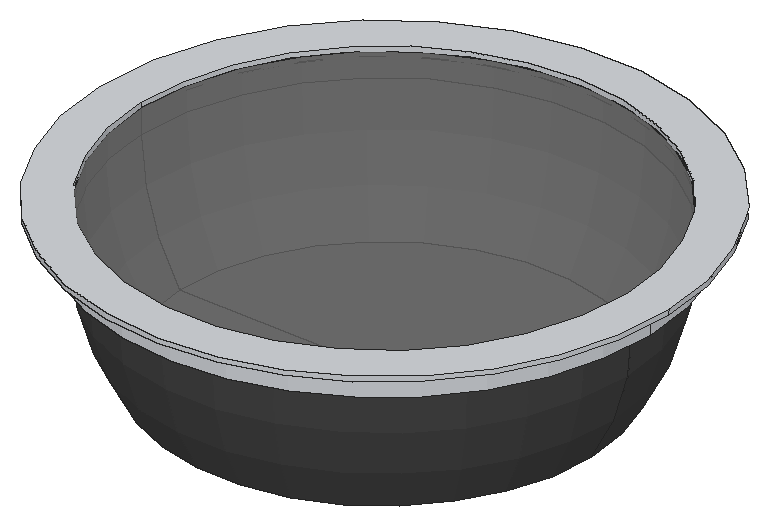
Revit family "3031824 Lighting Fixture_Sylvania_Syl-Lighter II_Ceiling Recessed", category Lighting Fixtures, host Face, Revit 2017
Family settings
  Host = Face
  Round Connector Dimension = Use Diameter
  Part Type = Normal
  OmniClass Number = 23.80.70.11.17
  OmniClass Title = Specialized Lighting by Location or Use
  Cut with Voids When Loaded = No
  Light Source = Yes
  Shared = No
  Room Calculation Point = No
Parameters (values of type "Syl-Lighter LED II 240 RO 25W WW")
  Weight = 0.60 kg
  Wattage = 21.8668 W
  built-in parameter 1150110 = 1 (stored number, unit not read)
  Voltage Comments = "UNV (Universal Voltage; 220-240 Volt)"  # constant formula
  Voltage = 240 V  # constant formula
  URL = "http://www.sylvania-lighting.com"
  built-in parameter 1114217 = 1 (stored number, unit not read)
  Tilt Angle = -90.00°  # constant formula
  built-in parameter 1150109 = 1 (stored number, unit not read)
  built-in parameter 1150134 = (empty or 0)
  Ta Rating = "-10°C to +40°C"  # constant formula
  built-in parameter 1150113 = 1 (stored number, unit not read)
  Recessed Depth = Height  # 65.0 mm
  IP Rating = "IP44"  # constant formula
  IK Rating = "IK07"  # constant formula
  Energy Class = "A++, A+, A"  # constant formula
  Dimmable = "DALI"  # constant formula
  Catalog Number = "3031824 Syl-Lighter LED II 240 RO 25W WW"
  Body Material = Metal_Sylvania_Syl-Lighter LED II_Silver
  Product Page URL = "http://www.sylvania-lighting.com/product/en-int/products/3031824"
  Product Family = "SYL-LIGHTER LED II"  # constant formula
  Photometry Comments = ""
  Photometric Web File = "3031824_Syl-Lighter240LED25WWW-182087.ies"
  built-in parameter 1150105 = 1178.1 (stored number, unit not read)
  Lumens = 2071 lm
  built-in parameter 1150115 = 1 (stored number, unit not read)
  built-in parameter 1150137 = (empty or 0)
  built-in parameter 1150139 = (empty or 0)
  Life = "50 000h"  # constant formula
  built-in parameter 1150112 = 1 (stored number, unit not read)
  built-in parameter 1150114 = 1 (stored number, unit not read)
  Lamp Comments = "Integrated LED"
  built-in parameter 1150132 = 2
  built-in parameter 1150102 = (empty or 0)
  built-in parameter 1150107 = 3000 (stored number, unit not read)
  built-in parameter 1150138 = (empty or 0)
  built-in parameter 1150106 = 11.781 (stored number, unit not read)
  Glow Wire Test = 650 °C  # constant formula
  Emit from Circle Diameter = Diffuser Diameter  # 205.0 mm
  Emit Shape Visible in Rendering = no
  built-in parameter 1150104 = 8.7988 (stored number, unit not read)
  Drive Current = "450mA"
  Dimming Lamp Color Temperature Shift = <None>
  Diffuser Radius = Diffuser Diameter / 2  # 102.5 mm
  Diffuser Diameter = Diameter - 20.0 mm  # 205.0 mm
  Inner Diameter = Diameter - 4.0 mm  # 221.0 mm
  Cutout Diameter = Diameter  # 225.0 mm
  Color Filter = 16777215
  Beam Angle = 74.00°
  built-in parameter 1114218 = 1 (stored number, unit not read)
  built-in parameter 1150133 = 10 (stored number, unit not read)
  Height = 65.0 mm
  Electrical Protection = "CLASS II"  # constant formula
  built-in parameter 1114216 [instance] = 1 (stored number, unit not read)
  Model = "Syl-Lighter LED II 240 RO 25W WW"
  Manufacturer = "Feilo Sylvania"  # constant formula
  Lamp = "LED"
  Diffuser Material = Polycarbonate_Sylvania_Syl-Lighter LED II_Opal
  Description = "Syl-Lighter LED II is available in 4 different round body sizes: 165mm, 195mm, 220mm & 240mm Syl-Lighter LED II 165 12W delivers a 1,134 lumen output (4,000K) - perfect for 1x26W CFL replacement Syl-Lighter LED II 195 15W delivers a 1,480 lumen output (4,000K) - perfect for 1x32W/2x18W CFL replacement Syl-Lighter LED II 220 21W delivers a 1,989 lumen output (4,000K) - perfect for 1x42W CFL replacement Syl-Lighter LED II 240 25W delivers a 2,289 lumen output (4,000K)- perfect for 2x26W CFL replacement High efficacy up to 99lm/W (Syl-Lighter LED II 195 4,000K) IP44 rating allows for installation in applicable wet zone areas Choice of 3,000K (warm white) or 4,000K (neutral white) Shallow recess depth of <65mm Can replace existing large CFL downlights using a 225mm ceiling cut out (Syl-Lighter LED II 240) Energy efficient electronic gear including analogue 1-10V and DALI dimmable options IK07 polycarbonate diffuser allows for a wider light distribution than a reflector downlight, allowing for increased spacings between luminaires 3 hour emergency pack available (to be ordered in addition to the luminaire) Ideal for applications such as corridors, public WCs and back of house areas Quick and easy to install Loop in-Loop out facility with red push fit terminal block for quick wiring White bezel (RAL 9003) Energy Class: A++, A+, A Long lifetime: 50,000 hours life at L70 (L80: 30,000 hours, L90: 15,000 hours)"  # constant formula
  Default Elevation = 0.0 mm
  built-in parameter 1140040 [instance] = 1
  Assembly Code = "D5020200"
  Apparent Load Comments = ""
  Apparent Load = 25 VA
  Accessory Radius = Accessory Diameter / 2  # 120.0 mm
  Accessory Material = Aluminum_Sylvania_Syl-Lighter LED II_White_RAL 9003
  Diameter = 225.0 mm
  Accessory Diameter = 240.0 mm
Reference planes
  plane 1 "Center (Front/Back)": y = 0
  plane 2: z = 0
  plane 3 "Center (Left/Right)": x = 0
  plane 4 "Fixture Bottom": z = 2
  plane 5: z = -10
  plane 6 "Fixture Top": z = -65
  plane 7: z = -2
Forms (mm)
  Extrusion 1, void
    sketch origin (0, 0, 58) x (-1, 0, 0) y (0, -1, 0)
      loop
        circle (0, 0) r 112.5
    from -171 to -55
  Extrusion 2, solid, detail levels fine
    sketch origin (0, 0, 58) x (-1, 0, 0) y (0, -1, 0)
      loop
        circle (0, 0) r 112.5
      loop
        circle (0, 0) r 110.5
    from -68 to -58
  Extrusion 3, solid, detail levels fine
    sketch origin (0, 0, 58) x (-1, 0, 0) y (0, -1, 0)
      loop
        circle (0, 0) r 120
      loop
        circle (0, 0) r 102.5
    from -58 to -56
  Extrusion 4, solid, material "Polycarbonate_Sylvania_Syl-Lighter LED II_Opal" <- "Diffuser Material", detail levels fine
    sketch origin (0, 0, 58) x (-1, 0, 0) y (0, -1, 0)
      loop
        circle (0, 0) r 102.5
    from -60 to -58
  Revolve 5, solid, material "Metal_Sylvania_Syl-Lighter LED II_Silver" <- "Body Material", detail levels fine
    sketch origin (0, 0, 0) x (1, 0, 0) y (0, 0, 1)
      loop
        line (-102.5, 0) -> (-104.5, 0) -> (-104.5, -10)
        arc (-104.5, -10) -> (-100.153, -38.784) -> (-87.5, -65) r 97.471
        line (-87.5, -65) -> (0, -65) -> (0, -63) -> (-86.437, -63)
        arc (-86.437, -63) -> (-98.396, -37.69) -> (-102.5, -10) r 95.471
        line (-102.5, -10) -> (-102.5, 0)
      axis (0, -65) -> (0, 0)
    angle from 0 to 360
  Revolve 6, solid, material "Aluminum_Sylvania_Syl-Lighter LED II_White_RAL 9003" <- "Accessory Material", detail levels coarse+medium
    sketch origin (0, 0, 0) x (1, 0, 0) y (0, 0, 1)
      loop
        line (-120, 2) -> (-120, 0) -> (-112.5, 0) -> (-112.5, -10) -> (-104.5, -10)
        arc (-104.5, -10) -> (-100.153, -38.784) -> (-87.5, -65) r 97.471
        line (-87.5, -65) -> (0, -65) -> (0, 2) -> (-120, 2)
      axis (0, 2) -> (0, -65)
    angle from 0 to 360
Cuts and joins
  joined: Extrusion 2, Extrusion 3
Lines and regions (mm)
  Masking region 1
    outline origin (0, 0, 58) x (-1, 0, 0) y (0, -1, 0)
      loop
        circle (0, 0) r 120
  symbolic lines, detail levels fine
    curve 1: arc (-102.5, 0, 58) -> (0, 102.5, 58) -> (102.5, 0, 58) r 102.5
    curve 2: arc (102.5, 0, 58) -> (0, -102.5, 58) -> (-102.5, 0, 58) r 102.5
Dimensions and locks
  locked: plane 4 "Fixture Bottom" to plane 2 at 2
  locked: plane 2 to plane 5 at 10
  "Height": plane 2 to plane 6 "Fixture Top"
  locked: plane 2 to plane 7 at 2
  "Diffuser Radius": plane 3 "Center (Left/Right)" to Revolve 5 sketch curve
  locked: Revolve 5 sketch curve to Revolve 5 sketch curve at 2
  locked: Revolve 5 sketch curve to Revolve 5 sketch curve at 15
  "Accessory Radius": plane 3 "Center (Left/Right)" to Revolve 6 sketch curve
  Revolve 6 sketch curve to Revolve 6 sketch curve to Revolve 6 sketch curve to Revolve 6 sketch curve = 7.5 mm locked, 8.0 mm locked, 17.0 mm locked
  "Cutout Diameter": diameter of Extrusion 1 sketch curve
  "Diameter": diameter of Extrusion 2 sketch curve
  "Inner Diameter": diameter of Extrusion 2 sketch curve
  "Accessory Diameter": diameter of Extrusion 3 sketch curve
  "Diffuser Diameter": diameter of Extrusion 3 sketch curve
  "Diffuser Diameter": diameter of Extrusion 4 sketch curve
  "Accessory Diameter": diameter of Masking region 1 sketch curve
  aligned and locked: host face to plane 2
  aligned and locked: host face to level
  aligned and locked: plane 4 "Fixture Bottom" to Extrusion 3
  aligned and locked: Extrusion 3 to plane 2
  aligned and locked: Extrusion 2 to plane 5
  aligned and locked: Extrusion 2 to plane 2
  aligned and locked: Extrusion 4 to plane 7
  aligned and locked: plane 2 to Extrusion 4
  aligned and locked: Revolve 5 sketch curve to plane 2
  aligned and locked: plane 5 to Revolve 5 sketch curve  (x2)
  aligned and locked: Revolve 5 sketch curve to plane 3 "Center (Left/Right)"
  aligned and locked: plane 3 "Center (Left/Right)" to Revolve 5 sketch curve
  aligned and locked: Revolve 6 sketch curve to plane 5
  aligned and locked: Revolve 6 sketch curve to plane 2
  aligned and locked: Revolve 6 sketch curve to plane 4 "Fixture Bottom"
  aligned and locked: plane 3 "Center (Left/Right)" to Revolve 6 sketch curve
  aligned and locked: Revolve 6 sketch curve to plane 3 "Center (Left/Right)"
  aligned and locked: plane 3 "Center (Left/Right)" to imposter light
  aligned and locked: imposter light to plane 1 "Center (Front/Back)"
  aligned and locked: imposter light to plane 4 "Fixture Bottom"
  aligned and locked: curve 1 to cut or joined group of Extrusion 2, Extrusion 3
Automatic sketch dimensions
  host sketch curve to host sketch curve = 700.0 mm
  host sketch curve to host sketch curve = 620.0 mm
  plane 1 "Center (Front/Back)" to Extrusion 1 sketch curve = 0.0 mm
  Extrusion 1 sketch curve to plane 3 "Center (Left/Right)" = 0.0 mm
  Extrusion 2 sketch curve to Extrusion 2 sketch curve = 0.0 mm  (x2)
  plane 1 "Center (Front/Back)" to Extrusion 2 sketch curve = 0.0 mm
  Extrusion 2 sketch curve to plane 3 "Center (Left/Right)" = 0.0 mm
  Extrusion 3 sketch curve to Extrusion 3 sketch curve = 0.0 mm  (x2)
  plane 1 "Center (Front/Back)" to Extrusion 3 sketch curve = 0.0 mm
  Extrusion 3 sketch curve to plane 3 "Center (Left/Right)" = 0.0 mm
  plane 1 "Center (Front/Back)" to Extrusion 4 sketch curve = 0.0 mm
  Extrusion 4 sketch curve to plane 3 "Center (Left/Right)" = 0.0 mm
  Revolve 5 sketch curve to Revolve 5 sketch curve = 0.0 mm
  Revolve 5 sketch curve to plane 6 "Fixture Top" = 0.0 mm
  plane 6 "Fixture Top" to Revolve 5 sketch curve = 2.0 mm
  Revolve 5 sketch curve to plane 6 "Fixture Top" = 17.111 mm
  plane 4 "Fixture Bottom" to Revolve 5 sketch curve = 20.889 mm
  Revolve 6 sketch curve to plane 6 "Fixture Top" = 0.0 mm
  Revolve 6 sketch curve to Revolve 6 sketch curve = 63.885 mm
  Revolve 6 sketch curve to Revolve 6 sketch curve = 84.115 mm
  plane 1 "Center (Front/Back)" to Masking region 1 sketch curve = 0.0 mm
  Masking region 1 sketch curve to plane 3 "Center (Left/Right)" = 0.0 mm
Connectors
  electrical at (0, 0, -65), driven by "Apparent Load", driven by "Voltage"
    settings: on Revolve 5, index 1, voltage 240 V, apparent load 0 VA, apparent load phase1 25 VA, apparent load phase2 0 VA, apparent load phase3 0 VA, power factor 1, load classification "Lighting", number of poles 1, system type 31, power factor state 1, is connector primary yes, connector utility no, sub classification motor no, connector description ""
